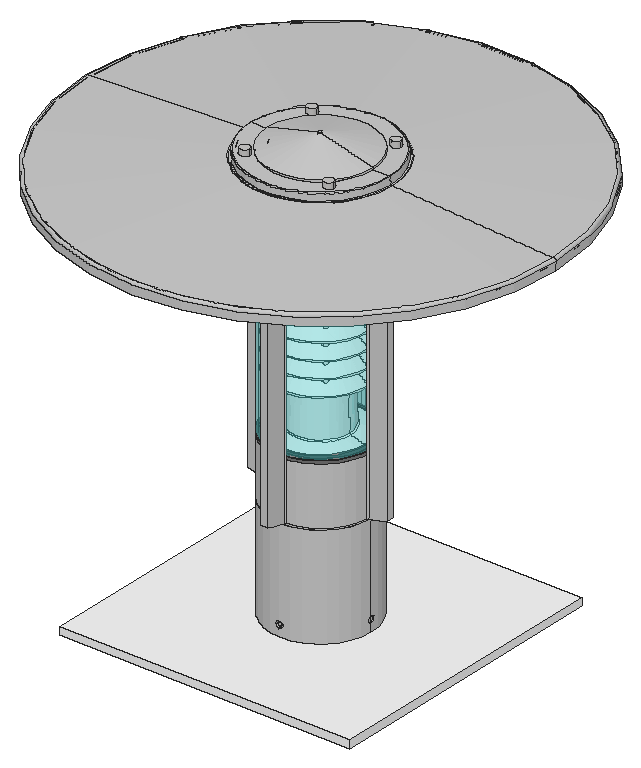
Revit family "BE_77142_de_DE", category Leuchten, Revit 2020
Family settings
  Basisbauteil = Fläche
  Bemaßung runder Anschluss = Durchmesser verwenden
  Teiletyp = Normal
  Beim Laden mit Abzugskörper schneiden = Ja
  Lichtquelle = Ja
  Gemeinsam genutzt = Nein
  Raumberechnungspunkt = Ja
Parameters (values of type "BEGA_77142_Silber_K4")
  built-in parameter 1150104 = 11.65 (stored number, unit not read)
  Windangriffsfläche = "0.12 m²"
  Werkzeuglos = ""
  Wattage = 37.8 W
  Default Elevation = 0 mm
  built-in parameter 1150113 = 1 (stored number, unit not read)
  built-in parameter 1114218 = 1 (stored number, unit not read)
  Umgebungstemperatur = "25 °C"
  URL = "https://www.bega.com/de/produkt/77142"
  Typenkommentare = "© 2022 BEGA. Wir behalten uns das Recht vor, technische Änderungen ohne vorherige Ankündigung vorzunehmen."  # constant formula
  Type Image = 77142.png
  built-in parameter 1150134 = 12
  built-in parameter 1150109 = 1 (stored number, unit not read)
  Strom = ""
  built-in parameter 1150110 = 1 (stored number, unit not read)
  Spannung = 239.996 V
  Sonderanfertigung = no
  Seriennummer [instance] = "Hier können Sie die eindeutige Seriennummer für das Facility Management eintragen."
  Schutzklasse = "I"
  Schutzart = "IP 65"
  Scheinlast = 0 VA
  Produktdatenblatt = "https://cdn.bega.com/bega/products/77142K3/current/documents/data-sheets/de"
  Oberflächentemperatur = ""
  Neigungswinkel = 0.00°
  Modell = "77142AK4"
  Material_18 = BEGA_Gummi_schwarz
  Material_17 = BEGA_Reflektor
  Material_15 = BEGA_Leuchtmedium_matt
  Material_14 = BEGA_Kunststoff_opal
  Material_12 = BEGA_Kunststoff_klar
  Material_07 = BEGA_Oberfläche_Edelstahl_poliert
  Material_06 = BEGA_Oberfläche_Edelstahl_gebürstet
  Material_03 = BEGA_Oberfläche_Weiss_matt
  Material_02 = BEGA_Oberfläche_Silber_matt
  Material_01 [instance] = BEGA_Oberfläche_Grafit_matt
  Mastzopf_Ø [instance] = "76 mm"  # constant formula
  M_W = no
  M_G = no
  M_A = yes
  Logo = 0
  built-in parameter 1114217 = 1 (stored number, unit not read)
  built-in parameter 1150139 = (empty or 0)
  built-in parameter 1150105 = 377.21 (stored number, unit not read)
  built-in parameter 1150114 = 1 (stored number, unit not read)
  Lumens = 4740.12 lm
  built-in parameter 1150115 = 1 (stored number, unit not read)
  Leuchtenlichtstrom = "1838 lm"
  Leuchtenanzahl = ""
  Lebensdauerkriterien = "L70B50 @ 25 °C = 200000 h"
  Lastklassifizierung = Beleuchtung
  built-in parameter 1150112 = 1 (stored number, unit not read)
  Lampenlichtstrom = "4710 lm"
  Lampe = "LED 22.8 W"
  LED_Modulbezeichnung = "6x LED-0146/840"
  built-in parameter 1150142 = (empty or 0)
  Hersteller = "BEGA"  # constant formula
  Halbstreuwinkel = ""
  Gewicht = "11.3 kg"
  Frequenz = "0/50-60 Hz"
  Farbwiedergabeindex = "CRI > 80"
  Farbtemperaturverschiebung bei Dämpfen der Lampe = <Keine Auswahl>
  Farbtemperatur = "4000 K"
  Color Filter = 16777215
  Erdstück [instance] = no
  built-in parameter 1150133 = 10 (stored number, unit not read)
  Energieeffizienzklasse = "LED A++ - A"
  Einstecktiefe = "80 mm"
  built-in parameter 1150137 = (empty or 0)
  built-in parameter 1150132 = (empty or 0)
  ENEC = "ja"
  Dimmbar [instance] = "DALI"
  Datei für fotometrisches Netz = "BE_77142K4.IES"
  CE_Konformität = "ja"
  Bestellnummer_Erdstück [instance] = ""
  Bestellnummer = "77142AK4"
  Beschreibung_Sonderanfertigung = "Hier können Sie Informationen zur Sonderanfertigung eintragen."
  Beschreibung = "Aufsatzleuchte"
  built-in parameter 1150106 = 3.7721 (stored number, unit not read)
  BEGA_Intern_aus = yes
  BEGA_Intern_an = yes
  BEGA_Intern_Konstruktion = yes
  BEGA_Intern = yes
  BEGA_Infotext_Winkel [instance] = no
  BEGA_IES3 = yes
  BEGA_IES2 = yes
  BEGA_IES1 = yes
  BEGA_IES = yes
  BEGA_Dummy = no
  Anschlussleitung = "6.0 m X05BQ-F 5 G 1 mm²"
  Anschlussleistung [instance] = "26.5 W"
  built-in parameter 1150107 = 4000 (stored number, unit not read)
  built-in parameter 1150102 = (empty or 0)
  built-in parameter 1150138 = (empty or 0)
  Aktualisierung = "2022-05-19T04:00:07"
  Abstand_zur_angestrahlten_Fläche [instance] = ""
  AC/DC = "AC/DC"
Reference planes
  plane 1 "Mitte (Vorne/Hinten)": y = 0
  plane 2: z = 0
  plane 3 "Mitte (Links/Rechts)": x = 0
  plane 4 "Links": x = -325
  plane 5 "Rechts": x = 325
  plane 6 "Unten": y = -325
  plane 7 "Oben": y = 325
  plane 8 "Vorne": z = 593
  plane 9 "Hinten": z = 0
Forms (mm)
  Extrusion 1, solid, material "BEGA_Platte_Weiss"
    sketch origin (0, -1119.2, 0) x (1, 0, 0) y (0, 1, 0)
      loop
        line (-200, 1319.2) -> (-200, 919.2) -> (200, 919.2) -> (200, 1319.2) -> (-200, 1319.2)
    from 0 to -10
  Extrusion 2, solid, material "BEGA_Dummy_matt", visible <- "BEGA_Dummy"
    sketch origin (77.149, -76.023, 0) x (1, 0, 0) y (0, 1, 0)
      loop
        circle (-77.149, 76.023) r 325
    from 0 to 593
Dimensions and locks
  plane 1 "Mitte (Vorne/Hinten)" to Extrusion 1 = 200 mm
  aligned and locked: plane 2 to Extrusion 1
  aligned and locked: level to Extrusion 1
Nested families
  nested 1: "BE_77142" at (0, 0, 0), type "BE_77142"
Connectors
  electrical at (0, 0, 0), driven by "Lastklassifizierung", driven by "Spannung", driven by "Scheinlast"
    settings: index 1, voltage 239.996 V, apparent load 0 VA, apparent load phase1 0 VA, apparent load phase2 0 VA, apparent load phase3 0 VA, power factor 1, load classification "Beleuchtung", number of poles 1, system type 31, power factor state 1, is connector primary yes, connector utility no, sub classification motor no, connector description ""
Definition of nested family "BE_77142"
  Parameters (values of type "BE_77142")
    Default Elevation = 1 mm
    URL = "http://www.bega.de/de/produkt"
    Type Comments = "© 2015 BEGA. Wir behalten uns das Recht vor, technische Änderungen ohne vorherige Ankündigung vorzunehmen. "  # constant formula
    Type Image = (empty or 0)
    Material_18 = none
    Material_17 = none
    Material_15 = none
    Material_14 = none
    Material_12 = none
    Material_11 = none
    Material_09 = none
    Material_07 = none
    Material_06 = none
    Material_03 = none
    Material_02 = none
    Material_01 = none
    M_W = yes
    M_G = yes
    M_A = yes
    Länge_Platte = 300 mm  # constant formula
    Höhe_Platte = -10 mm  # constant formula
    Manufacturer = "BEGA"  # constant formula
    Breite_Platte = 300 mm  # constant formula
  Reference planes
    plane 1 "Mitte (Oben/Unten)": y = 0
    plane 2: z = 80.5
    plane 3 "Mitte (Links/Rechts)": x = 0
    plane 4: x = -325
    plane 5: z = 593
    plane 6: x = 325
    plane 7: z = 0
    plane 8: y = 325
    plane 9: y = -325
  Forms (mm)
    Extrusion 1, solid, detail levels medium
      sketch origin (0, 0, 80.5) x (1, 0, 0) y (0, 1, 0)
        loop
          line (-150, 150) -> (-150, -150) -> (150, -150) -> (150, 150) -> (-150, 150)
      from 0 to -10 <- "Höhe_Platte"
    Revolve 2, solid, material <- "Material_01", visible <- "M_G", detail levels medium+fine
      sketch origin (0, 0, -80.5) x (1, 0, 0) y (0, 0, 1)
        loop
          line (-70, 80.5) -> (-62.5, 80.5) -> (-62.5, 241) -> (-66.25, 241) -> (-66.25, 224) -> (-69, 224) -> (-69, 221) -> (-70, 221) -> (-70, 80.5)
        axis (0, 80.5) -> (0, 241)
      angle from 0 to 360
    Revolve 3, solid, material <- "Material_01", visible <- "M_G", detail levels medium+fine
      sketch origin (0, 0, -80.5) x (1, 0, 0) y (0, 0, 1)
        loop
          line (-70, 224) -> (-66.5, 224) -> (-66.5, 303) -> (-70, 303) -> (-70, 224)
        axis (0, 224) -> (0, 303)
      angle from 0 to 360
    Revolve 4, solid, material <- "Material_18", detail levels medium+fine
      sketch origin (0, 0, -80.5) x (1, 0, 0) y (0, 0, 1)
        loop
          line (-70.237, 303) -> (-65.5, 303) -> (-64.778, 294.5) -> (-62.597, 294.5) -> (-62.045, 310.3) -> (-64.65, 310.3) -> (-64.65, 307) -> (-70.237, 307) -> (-70.237, 303)
        axis (0, 294.5) -> (0, 310.3)
      angle from 0 to 360
    Extrusion 5, solid, material <- "Material_01", visible <- "M_G", detail levels medium+fine
      sketch origin (0, 0, 0) x (1, 0, 0) y (0, 1, 0)
        loop
          arc (-96.37, 5) -> (-96.5, 0) -> (-96.37, -5) r 96.5
          line (-96.37, -5) -> (-71.472, -5.992)
          arc (-71.472, -5.992) -> (-70.191, -6.527) -> (-69.568, -7.768) r 2
          arc (-69.568, -7.768) -> (-69.892, -3.89) -> (-70, 0) r 70
          arc (-70, 0) -> (-69.892, 3.89) -> (-69.568, 7.768) r 70
          arc (-69.568, 7.768) -> (-70.192, 6.526) -> (-71.476, 5.991) r 2
          line (-71.476, 5.991) -> (-96.37, 5)
      from 143.5 to 559.032
    Extrusion 6, solid, material <- "Material_01", visible <- "M_G", detail levels medium+fine
      sketch origin (0, 0, 0) x (0, -1, 0) y (1, 0, 0)
        loop
          arc (-96.37, 5) -> (-96.5, 0) -> (-96.37, -5) r 96.5
          line (-96.37, -5) -> (-71.472, -5.992)
          arc (-71.472, -5.992) -> (-70.191, -6.527) -> (-69.568, -7.768) r 2
          arc (-69.568, -7.768) -> (-69.892, -3.89) -> (-70, 0) r 70
          arc (-70, 0) -> (-69.892, 3.89) -> (-69.568, 7.768) r 70
          arc (-69.568, 7.768) -> (-70.192, 6.526) -> (-71.476, 5.991) r 2
          line (-71.476, 5.991) -> (-96.37, 5)
      from 143.5 to 559.032
    Extrusion 7, solid, material <- "Material_01", visible <- "M_G", detail levels medium+fine
      sketch origin (0, 0, 0) x (0, 1, 0) y (-1, 0, 0)
        loop
          arc (-96.37, 5) -> (-96.5, 0) -> (-96.37, -5) r 96.5
          line (-96.37, -5) -> (-71.472, -5.992)
          arc (-71.472, -5.992) -> (-70.191, -6.527) -> (-69.568, -7.768) r 2
          arc (-69.568, -7.768) -> (-69.892, -3.89) -> (-70, 0) r 70
          arc (-70, 0) -> (-69.892, 3.89) -> (-69.568, 7.768) r 70
          arc (-69.568, 7.768) -> (-70.192, 6.526) -> (-71.476, 5.991) r 2
          line (-71.476, 5.991) -> (-96.37, 5)
      from 143.5 to 559.032
    Extrusion 8, solid, material <- "Material_01", visible <- "M_G", detail levels medium+fine
      sketch origin (0, 0, 0) x (-1, 0, 0) y (0, -1, 0)
        loop
          arc (-96.37, 5) -> (-96.5, 0) -> (-96.37, -5) r 96.5
          line (-96.37, -5) -> (-71.472, -5.992)
          arc (-71.472, -5.992) -> (-70.191, -6.527) -> (-69.568, -7.768) r 2
          arc (-69.568, -7.768) -> (-69.892, -3.89) -> (-70, 0) r 70
          arc (-70, 0) -> (-69.892, 3.89) -> (-69.568, 7.768) r 70
          arc (-69.568, 7.768) -> (-70.192, 6.526) -> (-71.476, 5.991) r 2
          line (-71.476, 5.991) -> (-96.37, 5)
      from 143.5 to 559.032
    Revolve 9, solid, material <- "Material_01", visible <- "M_G", detail levels medium+fine
      sketch origin (0, 0, -80.5) x (1, 0, 0) y (0, 0, 1)
        loop
          line (-96.5, 630) -> (-72.242, 623.5) -> (-70, 623.5) -> (-70, 640) -> (-96.5, 640) -> (-96.5, 630)
        axis (0, 623.5) -> (0, 640)
      angle from 0 to 360
    Revolve 10, solid, material <- "Material_01", visible <- "M_G", detail levels medium+fine
      sketch origin (0, 0, -80.5) x (1, 0, 0) y (0, 0, 1)
        loop
          line (-325, 616.208) -> (-322, 616.208) -> (-322, 627.412)
          arc (-322, 627.412) -> (-321.723, 628.104) -> (-321.044, 628.411) r 1
          line (-321.044, 628.411) -> (-99.921, 640) -> (-76.231, 640) -> (-76.231, 643) -> (-99.451, 643)
          arc (-99.451, 643) -> (-100, 642.993) -> (-100.549, 642.971) r 20.982
          line (-100.549, 642.971) -> (-321.209, 631.406)
          arc (-321.209, 631.406) -> (-323.901, 630.164) -> (-325, 627.411) r 4
          line (-325, 627.411) -> (-325, 616.208)
        axis (0, 616.208) -> (0, 643)
      angle from 0 to 360
    Revolve 11, solid, material <- "Material_01", visible <- "M_G", detail levels medium+fine
      sketch origin (0, 0, -80.5) x (1, 0, 0) y (0, 0, 1)
        loop
          line (-96.184, 652.036) -> (-96.5, 643) -> (-92.6, 643) -> (-92.074, 650) -> (-57.716, 650) -> (-57.485, 656.614) -> (0, 672.027) -> (0, 673.5) -> (-3, 673.5) -> (-71.93, 655.019) -> (-72, 653) -> (-95.185, 653)
          arc (-95.185, 653) -> (-95.879, 652.72) -> (-96.184, 652.036) r 1
        axis (0, 673.5) -> (0, 643)
      angle from 0 to 360
    Revolve 12, solid, material <- "Material_12", detail levels medium+fine
      sketch origin (0, 0, -80.5) x (1, 0, 0) y (0, 0, 1)
        loop
          line (-67, 644) -> (-70, 644) -> (-70, 307) -> (-67, 307) -> (-67, 644)
        axis (0, 307) -> (0, 644)
      angle from 0 to 360
    Revolve 13, void
      sketch origin (0, 0, -80.5) x (1, 0, 0) y (0, 0, 1)
        loop
          line (-70.777, 101) -> (-70.777, 96) -> (-58.842, 96) -> (-58.842, 101) -> (-70.777, 101)
        axis (-70.777, 96) -> (-58.842, 96)
      angle from 0 to 360
    Revolve 14, void
      sketch origin (0, 0, -80.5) x (0, -1, 0) y (0, 0, 1)
        loop
          line (-70.777, 101) -> (-70.777, 96) -> (-58.842, 96) -> (-58.842, 101) -> (-70.777, 101)
        axis (-70.777, 96) -> (-58.842, 96)
      angle from 0 to 360
    Revolve 15, void
      sketch origin (0, 0, -80.5) x (0, 1, 0) y (0, 0, 1)
        loop
          line (-70.777, 101) -> (-70.777, 96) -> (-58.842, 96) -> (-58.842, 101) -> (-70.777, 101)
        axis (-70.777, 96) -> (-58.842, 96)
      angle from 0 to 360
    Revolve 16, void
      sketch origin (0, 0, -80.5) x (-1, 0, 0) y (0, 0, 1)
        loop
          line (-70.777, 101) -> (-70.777, 96) -> (-58.842, 96) -> (-58.842, 101) -> (-70.777, 101)
        axis (-70.777, 96) -> (-58.842, 96)
      angle from 0 to 360
    Revolve 17, solid, material <- "Material_06", detail levels fine
      sketch origin (0, 0, -80.5) x (1, 0, 0) y (0, 0, 1)
        loop
          line (-68.5, 99.25) -> (-68.5, 96) -> (-44, 96) -> (-44, 102) -> (-65, 102) -> (-65, 100) -> (-67.75, 100) -> (-68.5, 99.25)
        axis (-68.5, 96) -> (-44, 96)
      angle from 0 to 360
    Revolve 18, solid, material <- "Material_06", detail levels fine
      sketch origin (0, 0, -80.5) x (0, -1, 0) y (0, 0, 1)
        loop
          line (-68.5, 99.25) -> (-68.5, 96) -> (-44, 96) -> (-44, 102) -> (-65, 102) -> (-65, 100) -> (-67.75, 100) -> (-68.5, 99.25)
        axis (-68.5, 96) -> (-44, 96)
      angle from 0 to 360
    Revolve 19, solid, material <- "Material_06", detail levels fine
      sketch origin (0, 0, -80.5) x (0, 1, 0) y (0, 0, 1)
        loop
          line (-68.5, 99.25) -> (-68.5, 96) -> (-44, 96) -> (-44, 102) -> (-65, 102) -> (-65, 100) -> (-67.75, 100) -> (-68.5, 99.25)
        axis (-68.5, 96) -> (-44, 96)
      angle from 0 to 360
    Revolve 20, solid, material <- "Material_06", detail levels fine
      sketch origin (0, 0, -80.5) x (-1, 0, 0) y (0, 0, 1)
        loop
          line (-68.5, 99.25) -> (-68.5, 96) -> (-44, 96) -> (-44, 102) -> (-65, 102) -> (-65, 100) -> (-67.75, 100) -> (-68.5, 99.25)
        axis (-68.5, 96) -> (-44, 96)
      angle from 0 to 360
    Extrusion 21, void
      sketch origin (0, 0, 0) x (1, 0, 0) y (0, 1, 0)
        loop
          circle (57.983, 57.983) r 7.035
        loop
          circle (-57.983, 57.983) r 7.035
        loop
          circle (-57.983, -57.983) r 7.035
        loop
          circle (57.983, -57.983) r 7.035
      from 571.5 to 576.114
    Extrusion 22, solid, material <- "Material_06", detail levels fine
      sketch origin (0, 0, 0) x (1, 0, 0) y (0, 1, 0)
        loop
          circle (57.983, 57.983) r 6.5
        loop
          circle (-57.983, 57.983) r 6.5
        loop
          circle (57.983, -57.983) r 6.5
        loop
          circle (-57.983, -57.983) r 6.5
      from 571.5 to 579.5
    Revolve 23, solid, material <- "Material_02", visible <- "M_A", detail levels medium+fine
      sketch origin (0, 0, -80.5) x (1, 0, 0) y (0, 0, 1)
        loop
          line (-70, 80.5) -> (-62.5, 80.5) -> (-62.5, 241) -> (-66.25, 241) -> (-66.25, 224) -> (-69, 224) -> (-69, 221) -> (-70, 221) -> (-70, 80.5)
        axis (0, 80.5) -> (0, 241)
      angle from 0 to 360
    Revolve 24, solid, material <- "Material_02", visible <- "M_A", detail levels medium+fine
      sketch origin (0, 0, -80.5) x (1, 0, 0) y (0, 0, 1)
        loop
          line (-70, 224) -> (-66.5, 224) -> (-66.5, 303) -> (-70, 303) -> (-70, 224)
        axis (0, 224) -> (0, 303)
      angle from 0 to 360
    Extrusion 25, solid, material <- "Material_02", visible <- "M_A", detail levels medium+fine
      sketch origin (0, 0, 0) x (1, 0, 0) y (0, 1, 0)
        loop
          arc (-96.37, 5) -> (-96.5, 0) -> (-96.37, -5) r 96.5
          line (-96.37, -5) -> (-71.472, -5.992)
          arc (-71.472, -5.992) -> (-70.191, -6.527) -> (-69.568, -7.768) r 2
          arc (-69.568, -7.768) -> (-69.892, -3.89) -> (-70, 0) r 70
          arc (-70, 0) -> (-69.892, 3.89) -> (-69.568, 7.768) r 70
          arc (-69.568, 7.768) -> (-70.192, 6.526) -> (-71.476, 5.991) r 2
          line (-71.476, 5.991) -> (-96.37, 5)
      from 143.5 to 559.032
    Extrusion 26, solid, material <- "Material_02", visible <- "M_A", detail levels medium+fine
      sketch origin (0, 0, 0) x (0, -1, 0) y (1, 0, 0)
        loop
          arc (-96.37, 5) -> (-96.5, 0) -> (-96.37, -5) r 96.5
          line (-96.37, -5) -> (-71.472, -5.992)
          arc (-71.472, -5.992) -> (-70.191, -6.527) -> (-69.568, -7.768) r 2
          arc (-69.568, -7.768) -> (-69.892, -3.89) -> (-70, 0) r 70
          arc (-70, 0) -> (-69.892, 3.89) -> (-69.568, 7.768) r 70
          arc (-69.568, 7.768) -> (-70.192, 6.526) -> (-71.476, 5.991) r 2
          line (-71.476, 5.991) -> (-96.37, 5)
      from 143.5 to 559.032
    Extrusion 27, solid, material <- "Material_02", visible <- "M_A", detail levels medium+fine
      sketch origin (0, 0, 0) x (0, 1, 0) y (-1, 0, 0)
        loop
          arc (-96.37, 5) -> (-96.5, 0) -> (-96.37, -5) r 96.5
          line (-96.37, -5) -> (-71.472, -5.992)
          arc (-71.472, -5.992) -> (-70.191, -6.527) -> (-69.568, -7.768) r 2
          arc (-69.568, -7.768) -> (-69.892, -3.89) -> (-70, 0) r 70
          arc (-70, 0) -> (-69.892, 3.89) -> (-69.568, 7.768) r 70
          arc (-69.568, 7.768) -> (-70.192, 6.526) -> (-71.476, 5.991) r 2
          line (-71.476, 5.991) -> (-96.37, 5)
      from 143.5 to 559.032
    Extrusion 28, solid, material <- "Material_02", visible <- "M_A", detail levels medium+fine
      sketch origin (0, 0, 0) x (-1, 0, 0) y (0, -1, 0)
        loop
          arc (-96.37, 5) -> (-96.5, 0) -> (-96.37, -5) r 96.5
          line (-96.37, -5) -> (-71.472, -5.992)
          arc (-71.472, -5.992) -> (-70.191, -6.527) -> (-69.568, -7.768) r 2
          arc (-69.568, -7.768) -> (-69.892, -3.89) -> (-70, 0) r 70
          arc (-70, 0) -> (-69.892, 3.89) -> (-69.568, 7.768) r 70
          arc (-69.568, 7.768) -> (-70.192, 6.526) -> (-71.476, 5.991) r 2
          line (-71.476, 5.991) -> (-96.37, 5)
      from 143.5 to 559.032
    Revolve 29, solid, material <- "Material_02", visible <- "M_A", detail levels medium+fine
      sketch origin (0, 0, -80.5) x (1, 0, 0) y (0, 0, 1)
        loop
          line (-96.5, 630) -> (-72.242, 623.5) -> (-70, 623.5) -> (-70, 640) -> (-96.5, 640) -> (-96.5, 630)
        axis (0, 623.5) -> (0, 640)
      angle from 0 to 360
    Revolve 30, solid, material <- "Material_02", visible <- "M_A", detail levels medium+fine
      sketch origin (0, 0, -80.5) x (1, 0, 0) y (0, 0, 1)
        loop
          line (-325, 616.208) -> (-322, 616.208) -> (-322, 627.412)
          arc (-322, 627.412) -> (-321.723, 628.104) -> (-321.044, 628.411) r 1
          line (-321.044, 628.411) -> (-99.921, 640) -> (-76.231, 640) -> (-76.231, 643) -> (-99.451, 643)
          arc (-99.451, 643) -> (-100, 642.993) -> (-100.549, 642.971) r 20.982
          line (-100.549, 642.971) -> (-321.209, 631.406)
          arc (-321.209, 631.406) -> (-323.901, 630.164) -> (-325, 627.411) r 4
          line (-325, 627.411) -> (-325, 616.208)
        axis (0, 616.208) -> (0, 643)
      angle from 0 to 360
    Revolve 31, solid, material <- "Material_02", visible <- "M_A", detail levels medium+fine
      sketch origin (0, 0, -80.5) x (1, 0, 0) y (0, 0, 1)
        loop
          line (-96.184, 652.036) -> (-96.5, 643) -> (-92.6, 643) -> (-92.074, 650) -> (-57.716, 650) -> (-57.485, 656.614) -> (0, 672.027) -> (0, 673.5) -> (-3, 673.5) -> (-71.93, 655.019) -> (-72, 653) -> (-95.185, 653)
          arc (-95.185, 653) -> (-95.879, 652.72) -> (-96.184, 652.036) r 1
        axis (0, 673.5) -> (0, 643)
      angle from 0 to 360
    Revolve 32, void
      sketch origin (0, 0, -80.5) x (1, 0, 0) y (0, 0, 1)
        loop
          line (-74.887, 223.506) -> (-96.978, 229.425) -> (-96.978, 223.506) -> (-74.887, 223.506)
        axis (0, 223.506) -> (0, 229.425)
      angle from 0 to 360
    Revolve 33, solid, material <- "Material_03", detail levels medium+fine
      sketch origin (0, 0, 0) x (1, 0, 0) y (0, 0, 1)
        loop
          line (-41.427, 234.108) -> (-61.591, 228.5) -> (-62.15, 212.5) -> (-59.036, 212.5) -> (-43.166, 229.991) -> (-38.019, 231.422)
          arc (-38.019, 231.422) -> (-36.984, 232.111) -> (-36.556, 233.279) r 2
          line (-36.556, 233.279) -> (-33.748, 313) -> (-37.25, 313) -> (-39.964, 235.957)
          arc (-39.964, 235.957) -> (-40.394, 234.794) -> (-41.427, 234.108) r 2
        axis (0, 212.5) -> (0, 313)
      angle from 0 to 360
    Revolve 34, solid, material <- "Material_03", detail levels medium+fine
      sketch origin (0, 0, 0) x (1, 0, 0) y (0, 0, 1)
        loop
          line (-64.937, 415.4) -> (-65, 413.6) -> (-62.495, 413.6) -> (-42.091, 434.004) -> (-42, 436.6) -> (-43.737, 436.6) -> (-64.937, 415.4)
        loop
          line (-64.937, 392.9) -> (-65, 391.1) -> (-62.495, 391.1) -> (-42.091, 411.504) -> (-42, 414.1) -> (-43.737, 414.1) -> (-64.937, 392.9)
        loop
          line (-64.937, 370.4) -> (-65, 368.6) -> (-62.495, 368.6) -> (-42.091, 389.004) -> (-42, 391.6) -> (-43.737, 391.6) -> (-64.937, 370.4)
        loop
          line (-64.937, 347.9) -> (-65, 346.1) -> (-62.495, 346.1) -> (-42.091, 366.504) -> (-42, 369.1) -> (-43.737, 369.1) -> (-64.937, 347.9)
        loop
          line (-64.937, 325.4) -> (-65, 323.6) -> (-62.495, 323.6) -> (-42.091, 344.004) -> (-42, 346.6) -> (-43.737, 346.6) -> (-64.937, 325.4)
        loop
          line (-64.937, 302.9) -> (-65, 301.1) -> (-62.495, 301.1) -> (-42.091, 321.504) -> (-42, 324.1) -> (-43.737, 324.1) -> (-64.937, 302.9)
        axis (0, 436.6) -> (0, 301.1)
      angle from 0 to 360
    Revolve 35, solid, material <- "Material_03", detail levels medium+fine
      sketch origin (-1.101, 34.849, 0) x (1, 0, 0) y (0, 0, 1)
        loop
          line (-33.588, 441.1) -> (-38.307, 441.1) -> (-38.307, 306.2) -> (-33.588, 306.2) -> (-33.588, 441.1)
        axis (-33.588, 441.1) -> (-33.588, 306.2)
      angle from 0 to 360
    Revolve 36, solid, material <- "Material_03", detail levels medium+fine
      sketch origin (34.849, 1.101, 0) x (0, -1, 0) y (0, 0, 1)
        loop
          line (-33.588, 441.1) -> (-38.307, 441.1) -> (-38.307, 306.2) -> (-33.588, 306.2) -> (-33.588, 441.1)
        axis (-33.588, 441.1) -> (-33.588, 306.2)
      angle from 0 to 360
    Revolve 37, solid, material <- "Material_03", detail levels medium+fine
      sketch origin (-34.849, -1.101, 0) x (0, 1, 0) y (0, 0, 1)
        loop
          line (-33.588, 441.107) -> (-38.307, 441.107) -> (-38.307, 306.2) -> (-33.588, 306.2) -> (-33.588, 441.107)
        axis (-33.588, 441.107) -> (-33.588, 306.2)
      angle from 0 to 360
    Revolve 38, solid, material <- "Material_03", detail levels medium+fine
      sketch origin (1.101, -34.849, 0) x (-1, 0, 0) y (0, 0, 1)
        loop
          line (-33.588, 441.1) -> (-38.307, 441.1) -> (-38.307, 306.2) -> (-33.588, 306.2) -> (-33.588, 441.1)
        axis (-33.588, 441.1) -> (-33.588, 306.2)
      angle from 0 to 360
    Extrusion 39, solid, material <- "Material_06", detail levels fine
      sketch origin (0, 0, 80.5) x (1, 0, 0) y (0, 1, 0)
        loop
          circle (-34.689, 34.849) r 4
      from 360.6 to 365.6
    Extrusion 40, solid, material <- "Material_06", detail levels fine
      sketch origin (0, 0, 80.5) x (0, -1, 0) y (1, 0, 0)
        loop
          circle (-34.689, 34.849) r 4
      from 360.6 to 365.6
    Extrusion 41, solid, material <- "Material_06", detail levels fine
      sketch origin (0, 0, 80.5) x (0, 1, 0) y (-1, 0, 0)
        loop
          circle (-34.689, 34.849) r 4
      from 360.6 to 365.6
    Extrusion 42, solid, material <- "Material_06", detail levels fine
      sketch origin (0, 0, 80.5) x (-1, 0, 0) y (0, -1, 0)
        loop
          circle (-34.689, 34.849) r 4
      from 360.6 to 365.6
    Extrusion 43, solid, material <- "Material_15", detail levels medium+fine
      sketch origin (0, 0, 80.5) x (1, 0, 0) y (0, 1, 0)
        loop
          line (10.416, -25.763) -> (10.02, -24.284) -> (3.464, -26.041) -> (3.861, -27.52) -> (10.416, -25.763)
      from 294.99 to 333.1
    Extrusion 44, solid, material <- "Material_15", detail levels medium+fine
      sketch origin (0, 0, 80.5) x (0.5, -0.866025, 0) y (0.866025, 0.5, 0)
        loop
          line (10.416, -25.763) -> (10.02, -24.284) -> (3.464, -26.041) -> (3.861, -27.52) -> (10.416, -25.763)
      from 294.99 to 333.1
    Extrusion 45, solid, material <- "Material_15", detail levels medium+fine
      sketch origin (0, 0, 80.5) x (0.5, 0.866025, 0) y (-0.866025, 0.5, 0)
        loop
          line (10.416, -25.763) -> (10.02, -24.284) -> (3.464, -26.041) -> (3.861, -27.52) -> (10.416, -25.763)
      from 294.99 to 333.1
    Extrusion 46, solid, material <- "Material_15", detail levels medium+fine
      sketch origin (0, 0, 80.5) x (-0.5, 0.866025, 0) y (-0.866025, -0.5, 0)
        loop
          line (10.416, -25.763) -> (10.02, -24.284) -> (3.464, -26.041) -> (3.861, -27.52) -> (10.416, -25.763)
      from 294.99 to 333.1
    Extrusion 47, solid, material <- "Material_15", detail levels medium+fine
      sketch origin (0, 0, 80.5) x (-1, 0, 0) y (0, -1, 0)
        loop
          line (10.416, -25.763) -> (10.02, -24.284) -> (3.464, -26.041) -> (3.861, -27.52) -> (10.416, -25.763)
      from 294.99 to 333.1
    Extrusion 48, solid, material <- "Material_15", detail levels medium+fine
      sketch origin (0, 0, 80.5) x (-0.5, -0.866025, 0) y (0.866025, -0.5, 0)
        loop
          line (10.416, -25.763) -> (10.02, -24.284) -> (3.464, -26.041) -> (3.861, -27.52) -> (10.416, -25.763)
      from 294.99 to 333.1
    Revolve 49, solid, material <- "Material_03", detail levels medium+fine
      sketch origin (0, 0, 0) x (1, 0, 0) y (0, 0, 1)
        loop
          arc (-63, 547.242) -> (-62.804, 546.647) -> (-62.294, 546.286) r 1
          line (-62.294, 546.286) -> (-7.067, 531.488)
          arc (-7.067, 531.488) -> (-6.549, 531.488) -> (-6.101, 531.747) r 1
          line (-6.101, 531.747) -> (-3.1, 534.748) -> (-4.514, 536.162) -> (-6.699, 533.977)
          arc (-6.699, 533.977) -> (-7.147, 533.719) -> (-7.665, 533.719) r 1
          line (-7.665, 533.719) -> (-60.294, 547.82)
          arc (-60.294, 547.82) -> (-60.804, 548.182) -> (-61, 548.776) r 1
          line (-61, 548.776) -> (-61, 562.5) -> (-63, 562.5) -> (-63, 547.242)
        axis (0, 531.488) -> (0, 562.5)
      angle from 0 to 360
    Revolve 50, solid, material <- "Material_06", detail levels fine
      sketch origin (0, 0, 0) x (1, 0, 0) y (0, 0, 1)
        loop
          line (0, 531.548) -> (0, 532.356) -> (-6, 532.356) -> (-6, 531.548) -> (0, 531.548)
        axis (0, 532.356) -> (0, 531.356)
      angle from 0 to 360
  Cuts and joins
    Revolve 13, Revolve 14, Revolve 15, Revolve 16, Revolve 32 cuts Revolve 2
    Revolve 13, Revolve 14, Revolve 15, Revolve 16, Revolve 32 cuts Revolve 3
    Revolve 13, Revolve 14, Revolve 15, Revolve 16, Revolve 32 cuts Extrusion 5
    Revolve 13, Revolve 14, Revolve 15, Revolve 16, Revolve 32 cuts Extrusion 6
    Revolve 13, Revolve 14, Revolve 15, Revolve 16, Revolve 32 cuts Extrusion 7
    Revolve 13, Revolve 14, Revolve 15, Revolve 16, Revolve 32 cuts Extrusion 8
    Revolve 13, Revolve 14, Revolve 15, Revolve 16, Revolve 32 cuts Revolve 9
    joined: Revolve 2, Revolve 3, Extrusion 5, Extrusion 6, Extrusion 7, Extrusion 8, Revolve 9
    Extrusion 21 cuts Revolve 11
    joined: Revolve 10, Revolve 11
    Revolve 13, Revolve 14, Revolve 15, Revolve 16, Revolve 32 cuts Revolve 23
    Revolve 32 cuts Revolve 24
    Revolve 32 cuts Extrusion 25
    Revolve 32 cuts Extrusion 26
    Revolve 32 cuts Extrusion 27
    Revolve 32 cuts Extrusion 28
    Revolve 32 cuts Revolve 29
    joined: Revolve 23, Revolve 24, Extrusion 25, Extrusion 26, Extrusion 27, Extrusion 28, Revolve 29
    Extrusion 21 cuts Revolve 31
    joined: Revolve 30, Revolve 31
    joined: Revolve 33, Revolve 34, Revolve 35, Revolve 36, Revolve 37, Revolve 38
  Dimensions and locks
    equal spacing: Extrusion 1 sketch curve, plane 3 "Mitte (Links/Rechts)", Extrusion 1 sketch curve
    equal spacing: Extrusion 1 sketch curve, plane 1 "Mitte (Oben/Unten)", Extrusion 1 sketch curve
    "Länge_Platte": Extrusion 1 sketch curve to Extrusion 1 sketch curve
    "Breite_Platte": Extrusion 1 sketch curve to Extrusion 1 sketch curve
    aligned and locked: Extrusion 1 to plane 2
    aligned and locked: level to Extrusion 1
  Automatic sketch dimensions
    Revolve 2 sketch curve to level = 80.5 mm
    Revolve 2 sketch curve to plane 3 "Mitte (Links/Rechts)" = 0 mm
    Revolve 2 sketch curve to plane 3 "Mitte (Links/Rechts)" = 62.5 mm
    Revolve 2 sketch curve to Revolve 2 sketch curve = 3.75 mm
    Revolve 2 sketch curve to Revolve 2 sketch curve = 2.75 mm
    Revolve 2 sketch curve to Revolve 2 sketch curve = 7.5 mm
    level to Revolve 2 sketch curve = 60 mm
    Revolve 2 sketch curve to Revolve 2 sketch curve = 20 mm
    Revolve 2 sketch curve to level = 27.152 mm
    Revolve 2 sketch curve to Revolve 2 sketch curve = 40 mm
    Revolve 2 sketch curve to Revolve 2 sketch curve = 3 mm
    Revolve 3 sketch curve to plane 3 "Mitte (Links/Rechts)" = 0 mm
    Revolve 3 sketch curve to plane 3 "Mitte (Links/Rechts)" = 66.5 mm
    Revolve 3 sketch curve to Revolve 3 sketch curve = 3.5 mm
    level to Revolve 3 sketch curve = 63 mm
    Revolve 3 sketch curve to Revolve 3 sketch curve = 79 mm
    Revolve 3 sketch curve to Revolve 3 sketch curve = 34.35 mm
    Revolve 3 sketch curve to Revolve 3 sketch curve = 26.475 mm
    Revolve 4 sketch curve to plane 3 "Mitte (Links/Rechts)" = 0 mm
    Revolve 4 sketch curve to plane 3 "Mitte (Links/Rechts)" = 62.045 mm
    Revolve 4 sketch curve to Revolve 4 sketch curve = 0.552 mm
    Revolve 4 sketch curve to Revolve 4 sketch curve = 2.605 mm
    Revolve 4 sketch curve to Revolve 4 sketch curve = 2.181 mm
    Revolve 4 sketch curve to Revolve 4 sketch curve = 0.85 mm
    Revolve 4 sketch curve to Revolve 4 sketch curve = 4.737 mm
    level to Revolve 4 sketch curve = 133.5 mm
    Revolve 4 sketch curve to Revolve 4 sketch curve = 8.5 mm
    Revolve 4 sketch curve to Revolve 4 sketch curve = 4 mm
    Revolve 4 sketch curve to Revolve 4 sketch curve = 3.3 mm
    Revolve 4 sketch curve to Revolve 4 sketch curve = 1.46 mm
    Revolve 4 sketch curve to Revolve 4 sketch curve = 20 mm
    Extrusion 5 sketch curve to Extrusion 5 sketch curve = 24.895 mm
    Extrusion 5 sketch curve to Extrusion 5 sketch curve = 0.003 mm
    Extrusion 5 sketch curve to Extrusion 5 sketch curve = 0.083 mm
    Extrusion 5 sketch curve to Extrusion 5 sketch curve = 0.08 mm
    Extrusion 5 sketch curve to Extrusion 5 sketch curve = 1.998 mm  (x2)
    Extrusion 5 sketch curve to Extrusion 5 sketch curve = 0 mm  (x15)
    Extrusion 5 sketch curve to Extrusion 5 sketch curve = 1.988 mm  (x2)
    Extrusion 5 sketch curve to Extrusion 5 sketch curve = 1.476 mm
    Extrusion 5 sketch curve to Extrusion 5 sketch curve = 69.568 mm
    Extrusion 5 sketch curve to Extrusion 5 sketch curve = 0.992 mm
    Extrusion 5 sketch curve to Extrusion 5 sketch curve = 0.222 mm
    Extrusion 6 sketch curve to Extrusion 6 sketch curve = 24.895 mm
    Extrusion 6 sketch curve to Extrusion 6 sketch curve = 0.003 mm
    Extrusion 6 sketch curve to Extrusion 6 sketch curve = 0.083 mm
    Extrusion 6 sketch curve to Extrusion 6 sketch curve = 0.08 mm
    Extrusion 6 sketch curve to Extrusion 6 sketch curve = 1.998 mm  (x2)
    Extrusion 6 sketch curve to Extrusion 6 sketch curve = 0 mm  (x15)
    Extrusion 6 sketch curve to Extrusion 6 sketch curve = 1.988 mm  (x2)
    Extrusion 6 sketch curve to Extrusion 6 sketch curve = 1.476 mm
    Extrusion 6 sketch curve to Extrusion 6 sketch curve = 69.568 mm
    Extrusion 6 sketch curve to Extrusion 6 sketch curve = 0.992 mm
    Extrusion 6 sketch curve to Extrusion 6 sketch curve = 0.222 mm
    Extrusion 7 sketch curve to Extrusion 7 sketch curve = 24.895 mm
    Extrusion 7 sketch curve to Extrusion 7 sketch curve = 0.003 mm
    Extrusion 7 sketch curve to Extrusion 7 sketch curve = 0.083 mm
    Extrusion 7 sketch curve to Extrusion 7 sketch curve = 0.08 mm
    Extrusion 7 sketch curve to Extrusion 7 sketch curve = 1.998 mm  (x2)
    Extrusion 7 sketch curve to Extrusion 7 sketch curve = 0 mm  (x15)
    Extrusion 7 sketch curve to Extrusion 7 sketch curve = 1.988 mm  (x2)
    Extrusion 7 sketch curve to Extrusion 7 sketch curve = 1.476 mm
    Extrusion 7 sketch curve to Extrusion 7 sketch curve = 69.568 mm
    Extrusion 7 sketch curve to Extrusion 7 sketch curve = 0.992 mm
    Extrusion 7 sketch curve to Extrusion 7 sketch curve = 0.222 mm
    Extrusion 8 sketch curve to Extrusion 8 sketch curve = 24.895 mm
    Extrusion 8 sketch curve to Extrusion 8 sketch curve = 0.003 mm
    Extrusion 8 sketch curve to Extrusion 8 sketch curve = 0.083 mm
    Extrusion 8 sketch curve to Extrusion 8 sketch curve = 0.08 mm
    Extrusion 8 sketch curve to Extrusion 8 sketch curve = 1.998 mm  (x2)
    Extrusion 8 sketch curve to Extrusion 8 sketch curve = 0 mm  (x15)
    Extrusion 8 sketch curve to Extrusion 8 sketch curve = 1.988 mm  (x2)
    Extrusion 8 sketch curve to Extrusion 8 sketch curve = 1.476 mm
    Extrusion 8 sketch curve to Extrusion 8 sketch curve = 69.568 mm
    Extrusion 8 sketch curve to Extrusion 8 sketch curve = 0.992 mm
    Extrusion 8 sketch curve to Extrusion 8 sketch curve = 0.222 mm
    plane 1 "Mitte (Oben/Unten)" to Extrusion 5 sketch curve = 0 mm
    Extrusion 5 sketch curve to plane 3 "Mitte (Links/Rechts)" = 0 mm
    Extrusion 6 sketch curve to plane 3 "Mitte (Links/Rechts)" = 0 mm
    plane 1 "Mitte (Oben/Unten)" to Extrusion 6 sketch curve = 0 mm
    Extrusion 7 sketch curve to plane 3 "Mitte (Links/Rechts)" = 0 mm
    plane 1 "Mitte (Oben/Unten)" to Extrusion 7 sketch curve = 0 mm
    plane 1 "Mitte (Oben/Unten)" to Extrusion 8 sketch curve = 0 mm
    Extrusion 8 sketch curve to plane 3 "Mitte (Links/Rechts)" = 0 mm
    Revolve 9 sketch curve to plane 3 "Mitte (Links/Rechts)" = 96.5 mm
    Revolve 9 sketch curve to Revolve 9 sketch curve = 24.258 mm
    Revolve 9 sketch curve to Revolve 9 sketch curve = 2.242 mm
    level to Revolve 9 sketch curve = 462.5 mm
    Revolve 9 sketch curve to Revolve 9 sketch curve = 6.5 mm
    Revolve 9 sketch curve to Revolve 9 sketch curve = 16.5 mm
    Revolve 9 sketch curve to Revolve 9 sketch curve = 70 mm
    Revolve 9 sketch curve to Revolve 9 sketch curve = 15 mm  (x2)
    Revolve 11 sketch curve to plane 3 "Mitte (Links/Rechts)" = 0 mm  (x2)
    Revolve 11 sketch curve to Revolve 11 sketch curve = 3 mm
    Revolve 11 sketch curve to Revolve 11 sketch curve = 54.485 mm
    Revolve 11 sketch curve to Revolve 11 sketch curve = 0.231 mm
    Revolve 11 sketch curve to Revolve 11 sketch curve = 14.445 mm
    Revolve 11 sketch curve to Revolve 11 sketch curve = 0.07 mm
    Revolve 11 sketch curve to Revolve 11 sketch curve = 20.074 mm
    Revolve 11 sketch curve to Revolve 11 sketch curve = 0.526 mm
    Revolve 11 sketch curve to Revolve 11 sketch curve = 3.111 mm
    Revolve 11 sketch curve to Revolve 11 sketch curve = 0.999 mm
    Revolve 11 sketch curve to Revolve 11 sketch curve = 3.9 mm
    level to Revolve 11 sketch curve = 482 mm
    Revolve 11 sketch curve to Revolve 11 sketch curve = 7 mm
    Revolve 11 sketch curve to Revolve 11 sketch curve = 2 mm
    Revolve 11 sketch curve to Revolve 11 sketch curve = 0.036 mm
    Revolve 11 sketch curve to Revolve 11 sketch curve = 2.019 mm
    Revolve 11 sketch curve to Revolve 11 sketch curve = 6.614 mm
    Revolve 11 sketch curve to Revolve 11 sketch curve = 15.413 mm
    Revolve 11 sketch curve to Revolve 11 sketch curve = 1.473 mm
    Revolve 11 sketch curve to Revolve 11 sketch curve = 20 mm
    Revolve 11 sketch curve to Revolve 11 sketch curve = 0 mm
    Revolve 10 sketch curve to plane 3 "Mitte (Links/Rechts)" = 0 mm
    Revolve 10 sketch curve to plane 3 "Mitte (Links/Rechts)" = 76.231 mm
    Revolve 10 sketch curve to Revolve 10 sketch curve = 23.22 mm
    Revolve 10 sketch curve to Revolve 10 sketch curve = 0.471 mm
    Revolve 10 sketch curve to Revolve 10 sketch curve = 1.098 mm
    Revolve 10 sketch curve to Revolve 10 sketch curve = 220.451 mm
    Revolve 10 sketch curve to Revolve 10 sketch curve = 0 mm  (x2)
    Revolve 10 sketch curve to Revolve 10 sketch curve = 0.044 mm
    Revolve 10 sketch curve to Revolve 10 sketch curve = 1 mm
    Revolve 10 sketch curve to Revolve 10 sketch curve = 3 mm
    level to Revolve 10 sketch curve = 455.208 mm
    Revolve 10 sketch curve to Revolve 10 sketch curve = 5.81 mm
    Revolve 10 sketch curve to Revolve 10 sketch curve = 11.203 mm
    Revolve 10 sketch curve to Revolve 10 sketch curve = 0.001 mm  (x2)
    Revolve 10 sketch curve to Revolve 10 sketch curve = 17.982 mm
    Revolve 10 sketch curve to Revolve 10 sketch curve = 2.971 mm
    Revolve 10 sketch curve to Revolve 10 sketch curve = 0.165 mm
    Revolve 10 sketch curve to Revolve 10 sketch curve = 5 mm
    Revolve 10 sketch curve to Revolve 10 sketch curve = 13.241 mm
    Revolve 12 sketch curve to plane 3 "Mitte (Links/Rechts)" = 0 mm
    Revolve 12 sketch curve to plane 3 "Mitte (Links/Rechts)" = 67 mm
    Revolve 12 sketch curve to Revolve 12 sketch curve = 3 mm
    level to Revolve 12 sketch curve = 146 mm
    Revolve 12 sketch curve to Revolve 12 sketch curve = 337 mm
    Revolve 12 sketch curve to Revolve 12 sketch curve = 42.706 mm
    Revolve 12 sketch curve to Revolve 12 sketch curve = 23.105 mm
    Revolve 13 sketch curve to Revolve 13 sketch curve = 11.935 mm
    Revolve 13 sketch curve to Revolve 13 sketch curve = 5 mm
    Revolve 13 sketch curve to Revolve 13 sketch curve = 0 mm  (x2)
    Revolve 13 sketch curve to Revolve 13 sketch curve = 5.72 mm
    Revolve 14 sketch curve to Revolve 14 sketch curve = 11.935 mm
    Revolve 14 sketch curve to Revolve 14 sketch curve = 5 mm
    Revolve 14 sketch curve to Revolve 14 sketch curve = 0 mm  (x2)
    Revolve 14 sketch curve to Revolve 14 sketch curve = 5.72 mm
    Revolve 15 sketch curve to Revolve 15 sketch curve = 11.935 mm
    Revolve 15 sketch curve to Revolve 15 sketch curve = 5 mm
    Revolve 15 sketch curve to Revolve 15 sketch curve = 0 mm  (x2)
    Revolve 15 sketch curve to Revolve 15 sketch curve = 5.72 mm
    Revolve 16 sketch curve to Revolve 16 sketch curve = 11.935 mm
    Revolve 16 sketch curve to Revolve 16 sketch curve = 5 mm
    Revolve 16 sketch curve to Revolve 16 sketch curve = 0 mm  (x2)
    Revolve 16 sketch curve to Revolve 16 sketch curve = 5.72 mm
    Revolve 13 sketch curve to level = 60 mm
    Revolve 13 sketch curve to plane 3 "Mitte (Links/Rechts)" = 70.777 mm
    Revolve 14 sketch curve to level = 60 mm
    Revolve 14 sketch curve to plane 1 "Mitte (Oben/Unten)" = 70.777 mm
    Revolve 15 sketch curve to level = 60 mm
    plane 1 "Mitte (Oben/Unten)" to Revolve 15 sketch curve = 70.777 mm
    Revolve 16 sketch curve to level = 60 mm
    plane 3 "Mitte (Links/Rechts)" to Revolve 16 sketch curve = 70.777 mm
    Revolve 17 sketch curve to Revolve 17 sketch curve = 0.75 mm  (x2)
    Revolve 17 sketch curve to Revolve 17 sketch curve = 2.75 mm
    Revolve 17 sketch curve to Revolve 17 sketch curve = 21 mm
    Revolve 17 sketch curve to Revolve 17 sketch curve = 3.25 mm
    Revolve 17 sketch curve to Revolve 17 sketch curve = 2 mm
    Revolve 17 sketch curve to Revolve 17 sketch curve = 5.01 mm
    Revolve 17 sketch curve to Revolve 17 sketch curve = 0 mm  (x2)
    Revolve 18 sketch curve to Revolve 18 sketch curve = 0.75 mm  (x2)
    Revolve 18 sketch curve to Revolve 18 sketch curve = 2.75 mm
    Revolve 18 sketch curve to Revolve 18 sketch curve = 21 mm
    Revolve 18 sketch curve to Revolve 18 sketch curve = 3.25 mm
    Revolve 18 sketch curve to Revolve 18 sketch curve = 2 mm
    Revolve 18 sketch curve to Revolve 18 sketch curve = 5.01 mm
    Revolve 18 sketch curve to Revolve 18 sketch curve = 0 mm  (x2)
    Revolve 19 sketch curve to Revolve 19 sketch curve = 0.75 mm  (x2)
    Revolve 19 sketch curve to Revolve 19 sketch curve = 2.75 mm
    Revolve 19 sketch curve to Revolve 19 sketch curve = 21 mm
    Revolve 19 sketch curve to Revolve 19 sketch curve = 3.25 mm
    Revolve 19 sketch curve to Revolve 19 sketch curve = 2 mm
    Revolve 19 sketch curve to Revolve 19 sketch curve = 5.01 mm
    Revolve 19 sketch curve to Revolve 19 sketch curve = 0 mm  (x2)
    Revolve 20 sketch curve to Revolve 20 sketch curve = 0.75 mm  (x2)
    Revolve 20 sketch curve to Revolve 20 sketch curve = 2.75 mm
    Revolve 20 sketch curve to Revolve 20 sketch curve = 21 mm
    Revolve 20 sketch curve to Revolve 20 sketch curve = 3.25 mm
    Revolve 20 sketch curve to Revolve 20 sketch curve = 2 mm
    Revolve 20 sketch curve to Revolve 20 sketch curve = 5.01 mm
    Revolve 20 sketch curve to Revolve 20 sketch curve = 0 mm  (x2)
    Revolve 17 sketch curve to level = 61.75 mm
    Revolve 17 sketch curve to plane 3 "Mitte (Links/Rechts)" = 68.5 mm
    Revolve 18 sketch curve to level = 61.75 mm
    Revolve 18 sketch curve to plane 1 "Mitte (Oben/Unten)" = 68.5 mm
    Revolve 19 sketch curve to level = 61.75 mm
    plane 1 "Mitte (Oben/Unten)" to Revolve 19 sketch curve = 68.5 mm
    Revolve 20 sketch curve to level = 61.75 mm
    plane 3 "Mitte (Links/Rechts)" to Revolve 20 sketch curve = 68.5 mm
    Extrusion 22 sketch curve to plane 3 "Mitte (Links/Rechts)" = 57.983 mm  (x2)
    plane 3 "Mitte (Links/Rechts)" to Extrusion 22 sketch curve = 57.983 mm  (x2)
    plane 1 "Mitte (Oben/Unten)" to Extrusion 22 sketch curve = 57.983 mm  (x2)
    Extrusion 22 sketch curve to plane 1 "Mitte (Oben/Unten)" = 57.983 mm  (x2)
    Revolve 23 sketch curve to level = 80.5 mm
    Revolve 23 sketch curve to plane 3 "Mitte (Links/Rechts)" = 0 mm
    Revolve 23 sketch curve to plane 3 "Mitte (Links/Rechts)" = 62.5 mm
    Revolve 23 sketch curve to Revolve 23 sketch curve = 3.75 mm
    Revolve 23 sketch curve to Revolve 23 sketch curve = 2.75 mm
    Revolve 23 sketch curve to Revolve 23 sketch curve = 7.5 mm
    level to Revolve 23 sketch curve = 60 mm
    Revolve 23 sketch curve to Revolve 23 sketch curve = 3 mm
    Revolve 23 sketch curve to Revolve 23 sketch curve = 17 mm
    Revolve 23 sketch curve to level = 27.152 mm
    Revolve 23 sketch curve to Revolve 23 sketch curve = 40 mm
    Revolve 24 sketch curve to plane 3 "Mitte (Links/Rechts)" = 0 mm
    Revolve 24 sketch curve to plane 3 "Mitte (Links/Rechts)" = 66.5 mm
    Revolve 24 sketch curve to Revolve 24 sketch curve = 3.5 mm
    level to Revolve 24 sketch curve = 63 mm
    Revolve 24 sketch curve to Revolve 24 sketch curve = 79 mm
    Revolve 24 sketch curve to Revolve 24 sketch curve = 34.35 mm
    Revolve 24 sketch curve to Revolve 24 sketch curve = 26.475 mm
    Extrusion 25 sketch curve to Extrusion 25 sketch curve = 0 mm  (x10)
    plane 1 "Mitte (Oben/Unten)" to Extrusion 25 sketch curve = 0 mm
    Extrusion 25 sketch curve to plane 3 "Mitte (Links/Rechts)" = 0 mm
    plane 1 "Mitte (Oben/Unten)" to Extrusion 25 sketch curve = 5.992 mm
    Extrusion 25 sketch curve to plane 3 "Mitte (Links/Rechts)" = 71.472 mm
    Extrusion 25 sketch curve to Extrusion 25 sketch curve = 0.083 mm  (x2)
    plane 1 "Mitte (Oben/Unten)" to Extrusion 25 sketch curve = 5 mm
    Extrusion 25 sketch curve to Extrusion 25 sketch curve = 24.898 mm
    Extrusion 25 sketch curve to plane 1 "Mitte (Oben/Unten)" = 5 mm
    Extrusion 25 sketch curve to Extrusion 25 sketch curve = 1.998 mm
    Extrusion 25 sketch curve to plane 1 "Mitte (Oben/Unten)" = 7.99 mm
    Extrusion 25 sketch curve to Extrusion 25 sketch curve = 1.988 mm  (x2)
    Extrusion 25 sketch curve to Extrusion 25 sketch curve = 1.472 mm
    Extrusion 25 sketch curve to plane 1 "Mitte (Oben/Unten)" = 5.991 mm
    Extrusion 25 sketch curve to Extrusion 25 sketch curve = 0.08 mm
    Extrusion 26 sketch curve to Extrusion 26 sketch curve = 0 mm  (x10)
    Extrusion 26 sketch curve to plane 3 "Mitte (Links/Rechts)" = 0 mm
    plane 1 "Mitte (Oben/Unten)" to Extrusion 26 sketch curve = 0 mm
    Extrusion 26 sketch curve to plane 3 "Mitte (Links/Rechts)" = 5.992 mm
    Extrusion 26 sketch curve to plane 1 "Mitte (Oben/Unten)" = 71.472 mm
    Extrusion 26 sketch curve to Extrusion 26 sketch curve = 0.083 mm  (x2)
    Extrusion 26 sketch curve to plane 3 "Mitte (Links/Rechts)" = 5 mm
    Extrusion 26 sketch curve to Extrusion 26 sketch curve = 24.898 mm
    plane 3 "Mitte (Links/Rechts)" to Extrusion 26 sketch curve = 5 mm
    Extrusion 26 sketch curve to Extrusion 26 sketch curve = 1.998 mm
    plane 3 "Mitte (Links/Rechts)" to Extrusion 26 sketch curve = 7.99 mm
    Extrusion 26 sketch curve to Extrusion 26 sketch curve = 1.988 mm  (x2)
    Extrusion 26 sketch curve to Extrusion 26 sketch curve = 1.472 mm
    plane 3 "Mitte (Links/Rechts)" to Extrusion 26 sketch curve = 5.991 mm
    Extrusion 26 sketch curve to Extrusion 26 sketch curve = 0.08 mm
    Extrusion 27 sketch curve to Extrusion 27 sketch curve = 0 mm  (x10)
    Extrusion 27 sketch curve to plane 3 "Mitte (Links/Rechts)" = 0 mm
    plane 1 "Mitte (Oben/Unten)" to Extrusion 27 sketch curve = 0 mm
    plane 3 "Mitte (Links/Rechts)" to Extrusion 27 sketch curve = 5.992 mm
    plane 1 "Mitte (Oben/Unten)" to Extrusion 27 sketch curve = 71.472 mm
    Extrusion 27 sketch curve to Extrusion 27 sketch curve = 0.083 mm  (x2)
    plane 3 "Mitte (Links/Rechts)" to Extrusion 27 sketch curve = 5 mm
    Extrusion 27 sketch curve to Extrusion 27 sketch curve = 24.898 mm
    Extrusion 27 sketch curve to plane 3 "Mitte (Links/Rechts)" = 5 mm
    Extrusion 27 sketch curve to Extrusion 27 sketch curve = 1.998 mm
    Extrusion 27 sketch curve to plane 3 "Mitte (Links/Rechts)" = 7.99 mm
    Extrusion 27 sketch curve to Extrusion 27 sketch curve = 1.988 mm  (x2)
    Extrusion 27 sketch curve to Extrusion 27 sketch curve = 1.472 mm
    Extrusion 27 sketch curve to plane 3 "Mitte (Links/Rechts)" = 5.991 mm
    Extrusion 27 sketch curve to Extrusion 27 sketch curve = 0.08 mm
    Extrusion 28 sketch curve to Extrusion 28 sketch curve = 0 mm  (x10)
    plane 1 "Mitte (Oben/Unten)" to Extrusion 28 sketch curve = 0 mm
    Extrusion 28 sketch curve to plane 3 "Mitte (Links/Rechts)" = 0 mm
    Extrusion 28 sketch curve to plane 1 "Mitte (Oben/Unten)" = 5.992 mm
    plane 3 "Mitte (Links/Rechts)" to Extrusion 28 sketch curve = 71.472 mm
    Extrusion 28 sketch curve to Extrusion 28 sketch curve = 0.083 mm  (x2)
    Extrusion 28 sketch curve to plane 1 "Mitte (Oben/Unten)" = 5 mm
    Extrusion 28 sketch curve to Extrusion 28 sketch curve = 24.898 mm
    plane 1 "Mitte (Oben/Unten)" to Extrusion 28 sketch curve = 5 mm
    Extrusion 28 sketch curve to Extrusion 28 sketch curve = 1.998 mm
    plane 1 "Mitte (Oben/Unten)" to Extrusion 28 sketch curve = 7.99 mm
    Extrusion 28 sketch curve to Extrusion 28 sketch curve = 1.988 mm  (x2)
    Extrusion 28 sketch curve to Extrusion 28 sketch curve = 1.472 mm
    plane 1 "Mitte (Oben/Unten)" to Extrusion 28 sketch curve = 5.991 mm
    Extrusion 28 sketch curve to Extrusion 28 sketch curve = 0.08 mm
    Revolve 29 sketch curve to plane 3 "Mitte (Links/Rechts)" = 0 mm
    Revolve 29 sketch curve to plane 3 "Mitte (Links/Rechts)" = 70 mm
    Revolve 29 sketch curve to Revolve 29 sketch curve = 2.242 mm
    Revolve 29 sketch curve to Revolve 29 sketch curve = 24.258 mm
    level to Revolve 29 sketch curve = 462.5 mm
    Revolve 29 sketch curve to Revolve 29 sketch curve = 6.5 mm
    Revolve 29 sketch curve to Revolve 29 sketch curve = 16.5 mm
    Revolve 29 sketch curve to Revolve 29 sketch curve = 15 mm  (x2)
    Revolve 30 sketch curve to plane 3 "Mitte (Links/Rechts)" = 0 mm
    Revolve 30 sketch curve to plane 3 "Mitte (Links/Rechts)" = 76.231 mm
    Revolve 30 sketch curve to Revolve 30 sketch curve = 23.22 mm
    Revolve 30 sketch curve to Revolve 30 sketch curve = 0.471 mm
    Revolve 30 sketch curve to Revolve 30 sketch curve = 1.098 mm
    Revolve 30 sketch curve to Revolve 30 sketch curve = 220.451 mm
    Revolve 30 sketch curve to Revolve 30 sketch curve = 0 mm  (x2)
    Revolve 30 sketch curve to Revolve 30 sketch curve = 0.044 mm
    Revolve 30 sketch curve to Revolve 30 sketch curve = 1 mm
    Revolve 30 sketch curve to Revolve 30 sketch curve = 3 mm
    level to Revolve 30 sketch curve = 455.208 mm
    Revolve 30 sketch curve to Revolve 30 sketch curve = 5.81 mm
    Revolve 30 sketch curve to Revolve 30 sketch curve = 11.203 mm
    Revolve 30 sketch curve to Revolve 30 sketch curve = 0.001 mm  (x2)
    Revolve 30 sketch curve to Revolve 30 sketch curve = 17.982 mm
    Revolve 30 sketch curve to Revolve 30 sketch curve = 2.971 mm
    Revolve 30 sketch curve to Revolve 30 sketch curve = 0.165 mm
    Revolve 30 sketch curve to Revolve 30 sketch curve = 5 mm
    Revolve 30 sketch curve to Revolve 30 sketch curve = 13.241 mm
    Revolve 31 sketch curve to plane 3 "Mitte (Links/Rechts)" = 0 mm  (x2)
    Revolve 31 sketch curve to Revolve 31 sketch curve = 3 mm
    Revolve 31 sketch curve to Revolve 31 sketch curve = 54.485 mm
    Revolve 31 sketch curve to Revolve 31 sketch curve = 0.231 mm
    Revolve 31 sketch curve to Revolve 31 sketch curve = 14.445 mm
    Revolve 31 sketch curve to Revolve 31 sketch curve = 0.07 mm
    Revolve 31 sketch curve to Revolve 31 sketch curve = 20.074 mm
    Revolve 31 sketch curve to Revolve 31 sketch curve = 0.526 mm
    Revolve 31 sketch curve to Revolve 31 sketch curve = 3.111 mm
    Revolve 31 sketch curve to Revolve 31 sketch curve = 0.999 mm
    Revolve 31 sketch curve to Revolve 31 sketch curve = 3.9 mm
    level to Revolve 31 sketch curve = 482 mm
    Revolve 31 sketch curve to Revolve 31 sketch curve = 7 mm
    Revolve 31 sketch curve to Revolve 31 sketch curve = 2 mm
    Revolve 31 sketch curve to Revolve 31 sketch curve = 0.036 mm
    Revolve 31 sketch curve to Revolve 31 sketch curve = 2.019 mm
    Revolve 31 sketch curve to Revolve 31 sketch curve = 6.614 mm
    Revolve 31 sketch curve to Revolve 31 sketch curve = 15.413 mm
    Revolve 31 sketch curve to Revolve 31 sketch curve = 1.473 mm
    Revolve 31 sketch curve to Revolve 31 sketch curve = 20 mm
    Revolve 31 sketch curve to Revolve 31 sketch curve = 0 mm
    Revolve 32 sketch curve to plane 3 "Mitte (Links/Rechts)" = 0 mm
    Revolve 32 sketch curve to plane 3 "Mitte (Links/Rechts)" = 74.887 mm
    Revolve 32 sketch curve to Revolve 32 sketch curve = 22.092 mm
    level to Revolve 32 sketch curve = 62.506 mm
    Revolve 32 sketch curve to Revolve 32 sketch curve = 5.919 mm
    Revolve 32 sketch curve to Revolve 32 sketch curve = 4.748 mm
    Revolve 32 sketch curve to Revolve 32 sketch curve = 5.252 mm
    Revolve 33 sketch curve to plane 3 "Mitte (Links/Rechts)" = 0 mm
    Revolve 33 sketch curve to plane 3 "Mitte (Links/Rechts)" = 33.748 mm
    Revolve 33 sketch curve to Revolve 33 sketch curve = 3.502 mm
    Revolve 33 sketch curve to plane 3 "Mitte (Links/Rechts)" = 38.019 mm
    Revolve 33 sketch curve to Revolve 33 sketch curve = 0.536 mm  (x2)
    Revolve 33 sketch curve to Revolve 33 sketch curve = 1.409 mm
    Revolve 33 sketch curve to Revolve 33 sketch curve = 1.998 mm
    Revolve 33 sketch curve to Revolve 33 sketch curve = 5.147 mm
    Revolve 33 sketch curve to Revolve 33 sketch curve = 15.87 mm
    Revolve 33 sketch curve to Revolve 33 sketch curve = 2.556 mm
    Revolve 33 sketch curve to Revolve 33 sketch curve = 3.114 mm
    level to Revolve 33 sketch curve = 132 mm
    Revolve 33 sketch curve to Revolve 33 sketch curve = 16 mm
    Revolve 33 sketch curve to Revolve 33 sketch curve = 1.491 mm
    Revolve 33 sketch curve to Revolve 33 sketch curve = 1.431 mm
    Revolve 33 sketch curve to Revolve 33 sketch curve = 1.927 mm
    Revolve 33 sketch curve to Revolve 33 sketch curve = 2.608 mm
    Revolve 33 sketch curve to Revolve 33 sketch curve = 0.078 mm
    Revolve 33 sketch curve to Revolve 33 sketch curve = 77.043 mm
    Revolve 33 sketch curve to Revolve 33 sketch curve = 1.999 mm
    Revolve 33 sketch curve to Revolve 33 sketch curve = 0 mm  (x4)
    Revolve 33 sketch curve to Revolve 33 sketch curve = 19.721 mm
    Revolve 33 sketch curve to Revolve 33 sketch curve = 17.193 mm
    Revolve 34 sketch curve to plane 3 "Mitte (Links/Rechts)" = 0 mm
    Revolve 34 sketch curve to plane 3 "Mitte (Links/Rechts)" = 42 mm
    Revolve 34 sketch curve to Revolve 34 sketch curve = 0 mm  (x5)
    Revolve 34 sketch curve to Revolve 34 sketch curve = 0.091 mm  (x6)
    Revolve 34 sketch curve to Revolve 34 sketch curve = 1.737 mm  (x6)
    Revolve 34 sketch curve to Revolve 34 sketch curve = 18.757 mm  (x5)
    Revolve 34 sketch curve to Revolve 34 sketch curve = 2.443 mm  (x6)
    Revolve 34 sketch curve to Revolve 34 sketch curve = 0.063 mm  (x7)
    level to Revolve 34 sketch curve = 220.6 mm
    Revolve 34 sketch curve to Revolve 34 sketch curve = 1.8 mm  (x6)
    Revolve 34 sketch curve to Revolve 34 sketch curve = 20.7 mm  (x4)
    Revolve 34 sketch curve to Revolve 34 sketch curve = 2.596 mm  (x6)
    Revolve 34 sketch curve to Revolve 34 sketch curve = 19.904 mm  (x5)
    Revolve 34 sketch curve to Revolve 34 sketch curve = 2.096 mm  (x2)
    Revolve 34 sketch curve to Revolve 34 sketch curve = 6.237 mm
    Revolve 34 sketch curve to Revolve 34 sketch curve = 15 mm
    Revolve 35 sketch curve to Revolve 35 sketch curve = 4.719 mm
    Revolve 35 sketch curve to Revolve 35 sketch curve = 134.9 mm
    Revolve 35 sketch curve to Revolve 35 sketch curve = 0 mm
    Revolve 35 sketch curve to Revolve 35 sketch curve = 15 mm
    Revolve 35 sketch curve to Revolve 35 sketch curve = 5 mm
    Revolve 36 sketch curve to Revolve 36 sketch curve = 4.719 mm
    Revolve 36 sketch curve to Revolve 36 sketch curve = 134.9 mm
    Revolve 36 sketch curve to Revolve 36 sketch curve = 0 mm
    Revolve 36 sketch curve to Revolve 36 sketch curve = 15 mm
    Revolve 36 sketch curve to Revolve 36 sketch curve = 5 mm
    Revolve 37 sketch curve to Revolve 37 sketch curve = 4.719 mm
    Revolve 37 sketch curve to Revolve 37 sketch curve = 134.907 mm
    Revolve 37 sketch curve to Revolve 37 sketch curve = 0 mm
    Revolve 37 sketch curve to Revolve 37 sketch curve = 15.007 mm
    Revolve 37 sketch curve to Revolve 37 sketch curve = 5 mm
    Revolve 38 sketch curve to Revolve 38 sketch curve = 4.719 mm
    Revolve 38 sketch curve to Revolve 38 sketch curve = 134.9 mm
    Revolve 38 sketch curve to Revolve 38 sketch curve = 0 mm
    Revolve 38 sketch curve to Revolve 38 sketch curve = 15 mm
    Revolve 38 sketch curve to Revolve 38 sketch curve = 5 mm
    Revolve 35 sketch curve to plane 3 "Mitte (Links/Rechts)" = 39.408 mm
    level to Revolve 35 sketch curve = 225.7 mm
    Revolve 36 sketch curve to plane 1 "Mitte (Oben/Unten)" = 39.408 mm
    level to Revolve 36 sketch curve = 225.7 mm
    plane 1 "Mitte (Oben/Unten)" to Revolve 37 sketch curve = 39.408 mm
    level to Revolve 37 sketch curve = 225.7 mm
    plane 3 "Mitte (Links/Rechts)" to Revolve 38 sketch curve = 39.408 mm
    level to Revolve 38 sketch curve = 225.7 mm
    Extrusion 39 sketch curve to plane 3 "Mitte (Links/Rechts)" = 34.689 mm
    Extrusion 39 sketch curve to plane 1 "Mitte (Oben/Unten)" = 34.849 mm
    Extrusion 40 sketch curve to plane 1 "Mitte (Oben/Unten)" = 34.689 mm
